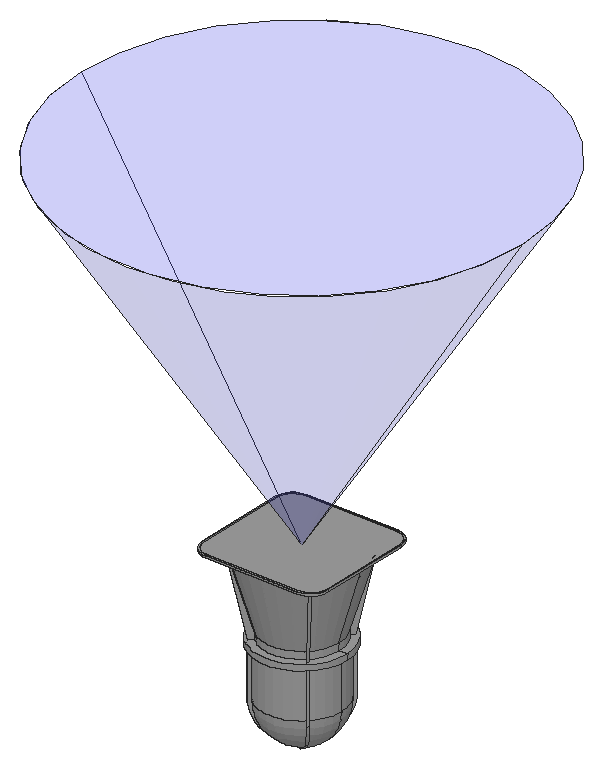
Revit family "Atlas_Sound_AH66-212-BSG", category Communication Devices, Revit 2026
Family settings
  Round Connector Dimension = Use Diameter
  Part Type = Normal
  Work Plane-Based = Yes
  Always vertical = No
  Cut with Voids When Loaded = No
  Maintain Annotation Orientation = No
  Shared = No
  Room Calculation Point = No
Parameters (values of type "Full-Range, Outdoor, Horn Loudspeaker")
  Width = 32.53"
  Weight Product = 300
  Warranty = "5 Year"
  Vertical Symmetry = yes
  URL = "www.atlassound.com"
  Transformer Option = yes
  Specification by User (default) = "TBD"
  Speaker Type = "S1"
  Speaker Listening Height [instance] = 30.00"
  Speaker Height [instance] = 120.00"
  Speaker Dispersion = 65.00°
  Speaker Cone Visible [instance] = yes
  Speaker Cone Height [instance] = (Speaker Height - Speaker Listening Height)  # 90.00"
  Sensitivity = 105.5
  ScheduleType |RF| = "AtlasIED Master"
  SPL Max = 134
  Rotation = 0.00°
  Radius of Speaker Cone [instance] = (Speaker Cone Height) * tan(Speaker Dispersion / 2)  # 57.33632"
  Product Page URL = "https://www.atlasied.com/ah66-212-bsg"
  Product Documentation Link = "https://www.atlasied.com/f/3921/ah212-data-sheet.pdf"
  Power Rating (RMS) = "750 Watts"
  Power Handling = 750
  Pitch = 0.00°
  OmniClass Title = "SPEAKERS"
  OmniClass Number = "23-37 17 13 19"
  Mount Material = Default
  Model = "AH66-212-BSG"
  Maximum Output = "128dB"
  MaterFormat Title = "SPEAKERS"
  MasterFormat = "27 41 13"
  Market = "Commercial, Higher Education, Emergency"
  Manufacturer URL = "https://www.atlasied.com"
  Manufacturer Phone = "(800) 876 - 3333"
  Manufacturer Email = "support@atlasied.com"
  Manufacturer Address = "4545 E. Baseline Rd., Phoenix, AZ 85042"
  Manufacturer = "ATLAS SOUND"
  Input Connectors = "Barrier Terminal"
  Ingress Protection = "IP45 When Tilted 5° Downwards"
  Impedance = 8
  IQ Category = "SPEAKERS"
  Height = 32.53"
  Grill Material = QF_Plastic - Black - Fine Textured
  Frequency Response  = "100Hz - 17kHz (-10 to +4dB)"
  Family Version [instance] = "2017-01"
  Family Code (default) = "LOUD SPEAKERS"
  Enclosure Material = none
  Dispersion Angle = 65.00°
  Description = "3-WAY STADIUM HORN LOUDSPEAKER WITH 65° X 65° COVERAGE PATTERN"
  Depth = 47.68"
  Default Elevation = 48.00"
  Coverage Vertical = 65.00°
  Coverage Horizontal = 65.00°
  Cost MSRP = 2802.99
  Cost = 2802.99
  Color = none
  Body Material = Default
  Baffle Material = none
  70V Taps = "32.00 W"
  100V Taps = "32.00 W"
Reference planes (in)
  plane 1 "Center (Front/Back)": y = 0
  plane 2: z = 0
  plane 3 "Center (Left/Right)": x = 0
  plane 4: x = 16.265
  plane 5: x = -16.265
  plane 6: y = 16.26203
  plane 7: y = -16.26797
  plane 8: z = -47.17414
Forms (in)
  Extrusion 1, solid, material "QF_Plastic - Black - Fine Textured" <- "Grill Material"
    sketch origin (-5.92216, 21.60703, 0.50586) x (0, 1, 0) y (1, 0, 0)
      loop
        arc (-9.79325, -10.01834) -> (-6.87767, -8.81067) -> (-5.67, -5.89509) r 4.12325
        line (-5.67, -5.89509) -> (-5.67, 17.73941)
        arc (-5.67, 17.73941) -> (-6.87767, 20.65499) -> (-9.79325, 21.86266) r 4.12325
        line (-9.79325, 21.86266) -> (-33.42725, 21.86266)
        arc (-33.42725, 21.86266) -> (-36.34283, 20.65499) -> (-37.5505, 17.73941) r 4.12325
        line (-37.5505, 17.73941) -> (-37.5505, -5.89509)
        arc (-37.5505, -5.89509) -> (-36.34283, -8.81067) -> (-33.42725, -10.01834) r 4.12325
        line (-33.42725, -10.01834) -> (-9.79325, -10.01834)
    from 0 to 0.50586
  Extrusion 2, solid, material "Default" <- "Body Material"
    sketch origin (18.66055, -18.66352, -13.86914) x (0, 0, -1) y (-0.707107, 0.707107, 0)
      loop
        line (-13.86914, 10.63229) -> (7.21256, 15.36323) -> (7.21256, 17.22052) -> (-13.86914, 10.88595) -> (-13.86914, 10.63229)
      loop
        line (8.71256, 15.265) -> (22.08003, 15.265)
        arc (22.08003, 15.265) -> (28.34154, 18.2525) -> (31.38908, 24.485) r 10.53846
        arc (31.38908, 24.485) -> (28.02782, 19.01564) -> (22.14389, 16.44828) r 10.7178
        line (22.14389, 16.44828) -> (8.71256, 16.44828) -> (8.71256, 15.265)
      loop
        line (-13.86914, 42.14771) -> (-13.86914, 41.89405) -> (7.21256, 35.55948) -> (7.21256, 37.41677) -> (-13.86914, 42.14771)
      loop
        line (8.71256, 37.515) -> (8.71256, 36.33172) -> (22.14389, 36.33172)
        arc (22.14389, 36.33172) -> (28.02782, 33.76436) -> (31.38908, 28.295) r 10.7178
        arc (31.38908, 28.295) -> (28.34154, 34.5275) -> (22.08003, 37.515) r 10.53846
        line (22.08003, 37.515) -> (8.71256, 37.515)
    from -0.25 to 0.25
  Extrusion 3, solid, material "Default" <- "Body Material"
    sketch origin (-5.92216, 21.60703, 0.50586) x (0, 1, 0) y (1, 0, 0)
      loop
        line (-5.345, -5.89509) -> (-5.345, 17.73941)
        arc (-5.345, 17.73941) -> (-6.64786, 20.8848) -> (-9.79325, 22.18766) r 4.44825
        line (-9.79325, 22.18766) -> (-33.42675, 22.18766)
        arc (-33.42675, 22.18766) -> (-36.57214, 20.8848) -> (-37.875, 17.73941) r 4.44825
        line (-37.875, 17.73941) -> (-37.875, -5.89509)
        arc (-37.875, -5.89509) -> (-36.57214, -9.04048) -> (-33.42675, -10.34334) r 4.44825
        line (-33.42675, -10.34334) -> (-9.79325, -10.34334)
        arc (-9.79325, -10.34334) -> (-6.64786, -9.04048) -> (-5.345, -5.89509) r 4.44825
      loop
        arc (-37.5505, -5.89509) -> (-36.34283, -8.81067) -> (-33.42725, -10.01834) r 4.12325
        line (-33.42725, -10.01834) -> (-9.79325, -10.01834)
        arc (-9.79325, -10.01834) -> (-6.87767, -8.81067) -> (-5.67, -5.89509) r 4.12325
        line (-5.67, -5.89509) -> (-5.67, 17.73941)
        arc (-5.67, 17.73941) -> (-6.87767, 20.65499) -> (-9.79325, 21.86266) r 4.12325
        line (-9.79325, 21.86266) -> (-33.42725, 21.86266)
        arc (-33.42725, 21.86266) -> (-36.34283, 20.65499) -> (-37.5505, 17.73941) r 4.12325
        line (-37.5505, 17.73941) -> (-37.5505, -5.89509)
    from 0 to 0.50586
  Extrusion 4, solid, material "Default" <- "Body Material"
    sketch origin (-5.92216, 21.60703, 0) x (0, 1, 0) y (-1, 0, 0)
      loop
        arc (-5.67, 5.89509) -> (-6.87767, 8.81067) -> (-9.79325, 10.01834) r 4.12325
        line (-9.79325, 10.01834) -> (-33.42725, 10.01834)
        arc (-33.42725, 10.01834) -> (-36.34283, 8.81067) -> (-37.5505, 5.89509) r 4.12325
        line (-37.5505, 5.89509) -> (-37.5505, -17.73941)
        arc (-37.5505, -17.73941) -> (-36.34283, -20.65499) -> (-33.42725, -21.86266) r 4.12325
        line (-33.42725, -21.86266) -> (-9.79325, -21.86266)
        arc (-9.79325, -21.86266) -> (-6.87767, -20.65499) -> (-5.67, -17.73941) r 4.12325
        line (-5.67, -17.73941) -> (-5.67, 5.89509)
    from 0 to 0.13
  Revolve 5, solid, material "Default" <- "Body Material"
    sketch origin (0, -0.00297, -13.86914) x (1, 0, 0) y (0, 0, -1)
      loop
        arc (0, 31.58756) -> (-7.33623, 28.54879) -> (-10.375, 21.21256) r 10.375
        line (-10.375, 21.21256) -> (-10.375, 8.71256) -> (-11.875, 8.71256) -> (-11.875, 7.21256) -> (-9.72481, 7.21256) -> (-9.72481, 5.36439) -> (-15.50405, -13.86914) -> (0, -13.86914) -> (0, 31.58756)
      axis (0, -13.86914) -> (0, 31.58756)
    angle from 0 to 360
  Extrusion 6, solid, material "Default" <- "Body Material"
    sketch origin (0, -13.62797, -12.29202) x (0, 0, -1) y (0, 1, 0)
      loop
        line (33.62212, 13.875) -> (33.1621, 13.875) -> (33.1621, 13.375) -> (33.62212, 13.375)
        arc (33.62212, 13.375) -> (34.87915, 13.625) -> (33.62212, 13.875) r 0.65338
      loop
        circle (34.22578, 13.625) r 0.40338
    from -0.08174 to 0.07955
  Extrusion 7, solid, material "Default" <- "Body Material"
    sketch origin (-18.66055, -18.66352, -13.86914) x (0, 0, -1) y (-0.707107, -0.707107, 0)
      loop
        line (-13.86914, -10.63229) -> (-13.86914, -10.88595) -> (7.21256, -17.22052) -> (7.21256, -15.36323) -> (-13.86914, -10.63229)
      loop
        line (8.71256, -15.265) -> (8.71256, -16.44828) -> (22.14389, -16.44828)
        arc (22.14389, -16.44828) -> (28.02782, -19.01564) -> (31.38908, -24.485) r 10.7178
        arc (31.38908, -24.485) -> (28.34154, -18.2525) -> (22.08003, -15.265) r 10.53846
        line (22.08003, -15.265) -> (8.71256, -15.265)
      loop
        line (-13.86914, -42.14771) -> (7.21256, -37.41677) -> (7.21256, -35.55948) -> (-13.86914, -41.89405) -> (-13.86914, -42.14771)
      loop
        line (8.71256, -37.515) -> (22.08003, -37.515)
        arc (22.08003, -37.515) -> (28.34154, -34.5275) -> (31.38908, -28.295) r 10.53846
        arc (31.38908, -28.295) -> (28.02782, -33.76436) -> (22.14389, -36.33172) r 10.7178
        line (22.14389, -36.33172) -> (8.71256, -36.33172) -> (8.71256, -37.515)
    from -0.25 to 0.25
  Blend 8, solid, material "Glass", visible <- "Speaker Cone Visible"
    base sketch origin (0, 0, 0) x (1, 0, 0) y (0, 1, 0)
      loop
        circle (0, 0.09521) r 57.33632
    top sketch origin (0, 0, 0) x (1, 0, 0) y (0, 1, 0)
      loop
        circle (0, 0.09521) r 0.13513
    from 90 <- "Speaker Cone Height" to 0
Lines and regions (in)
  symbolic lines, style "Sound Projection Average", visible <- "Speaker Cone Visible"
    curve 1: circle (0, 0.09521, 0) r 57.33632 normal (0, 0, 1)
Dimensions and locks (in)
  Extrusion 3 to plane 8 = 47.68"
  "Radius of Speaker Cone": radius of Blend 8 sketch curve
  aligned and locked: plane 2 to level
Nested families (in)
  nested 1: "Speaker Annotation" at (0, 0, 0), Speaker Type <- "Speaker Type", type "Data Annotation"
    with Speaker Type "S1"
Definition of nested family "Speaker Annotation"
  Parameters
    Speaker Type [instance] = ""
  Reference planes (in)
    plane 1: y = 0
    plane 2: x = 0
  Lines and regions (in)
    detail lines
      curve 1: circle (-0.00295, 0.00032, 0) r 0.09489 normal (0, 0, 1)
  Text (in)
    label "S1" at (0.00193, -0.00496, 0), shows "Speaker Type"
